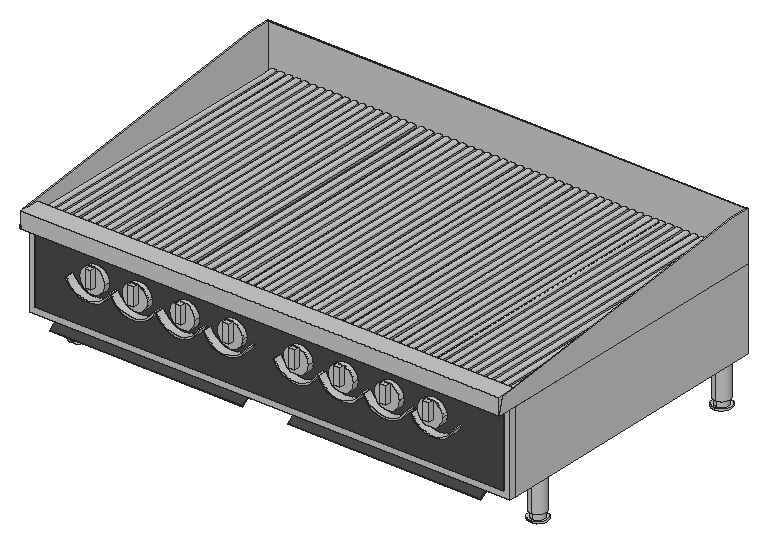
Revit family "QF_Vollrath_948CG", category Specialty Equipment, Revit 2016 (continued)
Automatic sketch dimensions
  radius of Extrusion 8 sketch curve = 0.625"
  radius of Extrusion 9 sketch curve = 0.8125"
  radius of Extrusion 10 sketch curve = 0.9375"
  radius of Extrusion 11 sketch curve = 0.625"
  radius of Extrusion 12 sketch curve = 0.8125"
  radius of Extrusion 16 sketch curve = 1.25"  (x8)
  radius of Extrusion 25 sketch curve = 0.375"
  radius of Extrusion 31 sketch curve = 0.25"
  radius of Extrusion 32 sketch curve = 0.25"
  radius of Extrusion 33 sketch curve = 0.25"
  radius of Extrusion 34 sketch curve = 0.25"
  radius of Extrusion 35 sketch curve = 0.25"
  radius of Extrusion 36 sketch curve = 0.25"
  radius of Extrusion 37 sketch curve = 0.25"
  radius of Extrusion 38 sketch curve = 0.25"
  radius of Extrusion 39 sketch curve = 0.25"
  radius of Extrusion 40 sketch curve = 0.25"
  radius of Extrusion 41 sketch curve = 0.25"
  radius of Extrusion 42 sketch curve = 0.25"
  radius of Extrusion 43 sketch curve = 0.25"
  radius of Extrusion 44 sketch curve = 0.25"
  radius of Extrusion 45 sketch curve = 0.25"
  radius of Extrusion 46 sketch curve = 0.25"
  radius of Extrusion 47 sketch curve = 0.25"
  radius of Extrusion 48 sketch curve = 0.25"
  radius of Extrusion 49 sketch curve = 0.25"
  radius of Extrusion 50 sketch curve = 0.25"
  radius of Extrusion 51 sketch curve = 0.25"
  radius of Extrusion 52 sketch curve = 0.25"
  radius of Extrusion 53 sketch curve = 0.25"
  radius of Extrusion 54 sketch curve = 0.25"
  radius of Extrusion 55 sketch curve = 0.25"
  radius of Extrusion 56 sketch curve = 0.25"
  radius of Extrusion 57 sketch curve = 0.25"
  radius of Extrusion 58 sketch curve = 0.25"
  radius of Extrusion 59 sketch curve = 0.25"
  radius of Extrusion 60 sketch curve = 0.25"
  radius of Extrusion 61 sketch curve = 0.25"
  radius of Extrusion 62 sketch curve = 0.25"
  radius of Extrusion 63 sketch curve = 0.25"
  radius of Extrusion 64 sketch curve = 0.25"
  radius of Extrusion 65 sketch curve = 0.25"
  radius of Extrusion 66 sketch curve = 0.25"
  radius of Extrusion 67 sketch curve = 0.25"
  radius of Extrusion 68 sketch curve = 0.25"
  radius of Extrusion 69 sketch curve = 0.25"
  radius of Extrusion 70 sketch curve = 0.25"
  radius of Extrusion 71 sketch curve = 0.25"
  radius of Extrusion 72 sketch curve = 0.25"
  radius of Extrusion 75 sketch curve = 0.25"
  radius of Extrusion 76 sketch curve = 0.25"
  radius of Extrusion 77 sketch curve = 0.25"
  radius of Extrusion 78 sketch curve = 0.25"
  radius of Extrusion 79 sketch curve = 0.25"
  radius of Extrusion 80 sketch curve = 0.25"
  radius of Extrusion 81 sketch curve = 0.25"
  radius of Extrusion 82 sketch curve = 0.25"
  radius of Extrusion 83 sketch curve = 0.25"
  radius of Extrusion 84 sketch curve = 0.25"
  radius of Extrusion 85 sketch curve = 0.25"
  radius of Extrusion 86 sketch curve = 0.25"
  radius of Extrusion 87 sketch curve = 0.25"
  radius of Extrusion 88 sketch curve = 0.25"
  radius of Extrusion 89 sketch curve = 0.25"
  radius of Extrusion 90 sketch curve = 0.25"
Connectors (in)
  piping at (5.77286, 1.5, 41.5), diameter 0.75
    settings: on Extrusion 25, index 1, connector inside diameter 3/4", connector length 0.00", flow factor 0, pipe flow 0 GPM, pressure drop 0.00 psi, fitting loss kfactor 0, connector angle 0.00°, fixture units 0, engagement length 0.00", angle of deflection 0.00°, flow configuration 1, flow direction 1, fitting loss method 0, system type 22, joint type 0, gender type 0, connector reference index -1, connector utility 0, adjustable connector no, is connector primary yes, connector description "Gas Connection"
